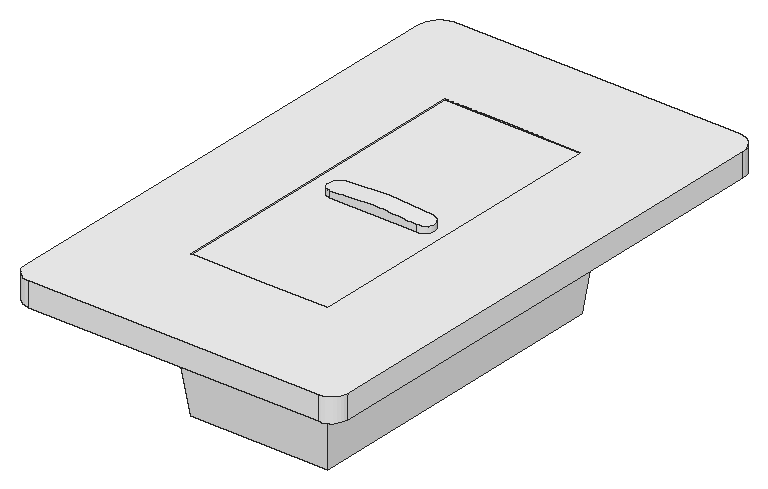
Revit family "1802a_lvseries", category Communication Devices, host Face, Revit 2021
Family settings
  Host = Face
  Maintain Annotation Orientation = No
  Round Connector Dimension = Use Diameter
  Part Type = Normal
  OmniClass Number = 23.85.80.11.27
  OmniClass Title = Lighting Controls
  Cut with Voids When Loaded = No
  Shared = Yes
  Room Calculation Point = No
Parameters (values of type "LVSM1NP")
  Warranty = "5-Years Warranty"  # constant formula
  Type Comments = "Low Voltage Switches"  # constant formula
  Product Page URL = ""
  Product Documentation Link = ""
  URL = "https://www.currentlighting.com/nxlightingcontrols"
  Model = "Low Voltage Switches"  # constant formula
  Manufacturer = " NX Lighting Controls"  # constant formula
  Width = 2.75"
  LED = no
  Features = "Attractive, architecturally pleasing design\r\n• Momentary or latching button action\r\n• 1-4 buttons with or without LED\r\n• Mounts to standard single-gang box\r\n• California Title 24 compliant\r\n• Five-year limited warranty\r\n• Low voltage device: 24VDC"  # constant formula
  Black = Paint - Carbon Black
  Height = 4.50"
  White = Paint -  Matte White
  Description = "Our Low Voltage Wall Switches are designed for virtually any\r\narea. The soft contours of its architecturally-pleasing design fit\r\neasily into any décor. Momentary version switches are available\r\nand feature multiple button configurations making them the\r\nperfect switch solution for low voltage occupancy sensors,\r\ndaylighting controls and networked lighting control panels."  # constant formula
  Default Elevation = 48.00"
  Copyright = "Copyright © NX Lighting Controls"  # constant formula
  Contact Us = ""
  Assembly Code = "D5090"
Types (3): name | LED
  (no name) | no
  LVSM1NP | no
  LVSM1PL | yes
Reference planes (in)
  plane 1 "Center (Front/Back)": y = 13.01342
  plane 2: z = 0
  plane 3 "Center (Left/Right)": x = 0
  plane 4: x = -1.375
  plane 5: x = 1.375
  plane 6: y = 15.26342
  plane 7: y = 10.76342
  plane 8: z = -1.35
  plane 9: z = 0.3
Forms (in)
  Extrusion 1, solid, material "Paint -  Matte White" <- "White"
    sketch origin (0, 0, -0.5) x (1, 0, 0) y (0, 1, 0)
      loop
        arc (-1.17464, 15.26342) -> (-1.31632, 15.20473) -> (-1.375, 15.06306) r 0.20036
        line (-1.375, 15.06306) -> (-1.375, 10.91856)
        arc (-1.375, 10.91856) -> (-1.32956, 10.80886) -> (-1.21986, 10.76342) r 0.15514
        line (-1.21986, 10.76342) -> (1.23768, 10.76342)
        arc (1.23768, 10.76342) -> (1.33478, 10.80364) -> (1.375, 10.90074) r 0.13732
        line (1.375, 10.90074) -> (1.375, 15.08233)
        arc (1.375, 15.08233) -> (1.32196, 15.21038) -> (1.19391, 15.26342) r 0.18109
        line (1.19391, 15.26342) -> (-1.17464, 15.26342)
    from 0.6 to 0.4
  Extrusion 2, solid, material "Paint -  Matte White" <- "White"
    sketch origin (0, 0, 0) x (1, 0, 0) y (0, 1, 0)
      loop
        line (-0.61252, 14.41205) -> (-0.61252, 11.71709) -> (0, 11.71709) -> (0.55202, 11.71709) -> (0.55202, 14.41205) -> (0, 14.41205) -> (-0.61252, 14.41205)
    from 0.23534 to 0.1
  Extrusion 3, void
    sketch origin (0, 13.01342, 0) x (1, 0, 0) y (0, 0, 1)
      loop
        line (-0.61314, 0.45345) -> (-0.61314, 0.0923)
        arc (-0.61314, 0.0923) -> (-0.03211, 0.07642) -> (0.54898, 0.09016) r 11.40207
        line (0.54898, 0.09016) -> (0.54898, 0.45345) -> (-0.61314, 0.45345)
    from 1.29633 to -1.39863
  Extrusion 4, solid, material "Paint -  Matte White" <- "White"
    sketch origin (0, -0.25782, -0.17578) x (1, 0, 0) y (0, 1, 0)
      loop
        arc (-0.36532, 13.31515) -> (-0.44943, 13.23104) -> (-0.36532, 13.14693) r 0.08411
        line (-0.36532, 13.14693) -> (0.36532, 13.14693)
        arc (0.36532, 13.14693) -> (0.44943, 13.23104) -> (0.36532, 13.31515) r 0.08411
        line (0.36532, 13.31515) -> (-0.36532, 13.31515)
    from 0.35493 to 0.27578
  Extrusion 5, void
    sketch origin (0, 12.9431, -0.15625) x (1, 0, 0) y (0, 0, 1)
      loop
        line (-0.51828, 0.93634) -> (-0.51828, 0.29021)
        arc (-0.51828, 0.29021) -> (-0.01101, 0.33338) -> (0.49658, 0.29405) r 3.14149
        line (0.49658, 0.29405) -> (0.49658, 0.93634) -> (-0.51828, 0.93634)
    from 0.07779 to -0.22916
  Blend 6, solid, material "Paint -  Matte White" <- "White"
    base sketch origin (0, 0, 0) x (1, 0, 0) y (0, 1, 0)
      loop
        line (-0.73509, 14.56519) -> (-0.73509, 11.56519) -> (0.66835, 11.56519) -> (0.66835, 14.56519) -> (-0.73509, 14.56519)
    top sketch origin (0, 0, 0) x (1, 0, 0) y (0, 1, 0)
      loop
        line (-0.61252, 14.41205) -> (-0.61252, 11.71709) -> (0.55202, 11.71709) -> (0.55202, 14.41205) -> (-0.61252, 14.41205)
    from 0 to -1.12608
  Extrusion 7, solid, material "Paint - Carbon Black" <- "Black", visible <- "LED"
    sketch origin (0, 0, 0) x (1, 0, 0) y (0, 1, 0)
      loop
        line (-0.36022, 12.98458) -> (-0.36022, 12.94513) -> (-0.27229, 12.94513) -> (-0.27229, 12.98458) -> (-0.36022, 12.98458)
    from 0.18045 to 0.13751
Cuts and joins
  Extrusion 3 cuts Extrusion 1
  Extrusion 3 cuts Extrusion 2
  joined: Extrusion 1, Extrusion 2
  Extrusion 5 cuts Extrusion 4
  Extrusion 5 cuts Extrusion 7
Dimensions and locks (in)
  plane 2 to plane 8 = 1.35"
  "Width": plane 4 to plane 5
  equal spacing: plane 4, plane 3 "Center (Left/Right)", plane 5
  "Height": plane 7 to plane 6
  equal spacing: plane 7, plane 1 "Center (Front/Back)", plane 6
  plane 9 to plane 8 = 1.65"
  aligned and locked: plane 2 to host face
  aligned and locked: level to host face
Automatic sketch dimensions
  host sketch curve to host sketch curve = 96.00"  (x2)
  Extrusion 1 sketch curve to plane 4 = 0.00"
  plane 7 to Extrusion 1 sketch curve = 0.00"
  plane 6 to Extrusion 1 sketch curve = 0.00"
  Extrusion 1 sketch curve to plane 5 = 0.00"
  plane 4 to Extrusion 1 sketch curve = 0.15514"
  plane 4 to Extrusion 1 sketch curve = 0.20036"
  Extrusion 1 sketch curve to Extrusion 1 sketch curve = 0.18109"
  Extrusion 1 sketch curve to plane 5 = 0.13732"
  Extrusion 2 sketch curve to plane 3 "Center (Left/Right)" = 0.00"  (x2)
  Extrusion 2 sketch curve to plane 3 "Center (Left/Right)" = 0.61252"
  Extrusion 2 sketch curve to Extrusion 2 sketch curve = 0.55202"
  Extrusion 2 sketch curve to plane 7 = 0.95367"
  plane 6 to Extrusion 2 sketch curve = 0.85137"
  Extrusion 4 sketch curve to plane 1 "Center (Front/Back)" = 0.04391"
  Extrusion 4 sketch curve to plane 3 "Center (Left/Right)" = 0.36532"
  plane 3 "Center (Left/Right)" to Extrusion 4 sketch curve = 0.36532"
  Extrusion 4 sketch curve to Extrusion 4 sketch curve = 0.08411"
  plane 9 to Extrusion 5 sketch curve = 0.16604"
  Extrusion 5 sketch curve to plane 3 "Center (Left/Right)" = 0.51828"
  plane 3 "Center (Left/Right)" to Extrusion 5 sketch curve = 0.00087"
  plane 3 "Center (Left/Right)" to Extrusion 5 sketch curve = 0.49658"
  plane 8 to Extrusion 5 sketch curve = 1.61434"
  Extrusion 5 sketch curve to plane 9 = 0.48009"
  plane 4 to Blend 6 sketch curve = 0.63991"
  plane 3 "Center (Left/Right)" to Blend 6 sketch curve = 0.66835"
  Blend 6 sketch curve to plane 7 = 0.80177"
  plane 6 to Blend 6 sketch curve = 0.69823"
  Blend 6 sketch curve to plane 3 "Center (Left/Right)" = 0.61252"
  plane 3 "Center (Left/Right)" to Blend 6 sketch curve = 0.55202"
  Blend 6 sketch curve to plane 7 = 0.95367"
  plane 6 to Blend 6 sketch curve = 0.85137"
  plane 1 "Center (Front/Back)" to Extrusion 7 sketch curve = 0.06829"
  Extrusion 7 sketch curve to plane 3 "Center (Left/Right)" = 0.36022"
  Extrusion 7 sketch curve to Extrusion 7 sketch curve = 0.08793"
  plane 1 "Center (Front/Back)" to Extrusion 7 sketch curve = 0.02884"
  level to Extrusion 3 sketch curve = 0.0923"
  Extrusion 3 sketch curve to plane 3 "Center (Left/Right)" = 0.61314"
  Extrusion 3 sketch curve to plane 3 "Center (Left/Right)" = 0.01115"
  level to Extrusion 3 sketch curve = 0.09016"
  plane 3 "Center (Left/Right)" to Extrusion 3 sketch curve = 0.54898"
  Extrusion 3 sketch curve to plane 9 = 0.15345"
Connectors (in)
  electrical at (0.00464, 13.0023, 0.1)
    settings: on cut or joined group of Extrusion 1, Extrusion 2, Extrusion 3, index 1, voltage 0 V, apparent load 0 VA, apparent load phase1 0 VA, apparent load phase2 0 VA, apparent load phase3 0 VA, power factor 1, load classification "Other", number of poles 1, system type 14, power factor state 1, is connector primary yes, connector utility no, sub classification motor no, connector description "Low Voltage Wall Switch"
